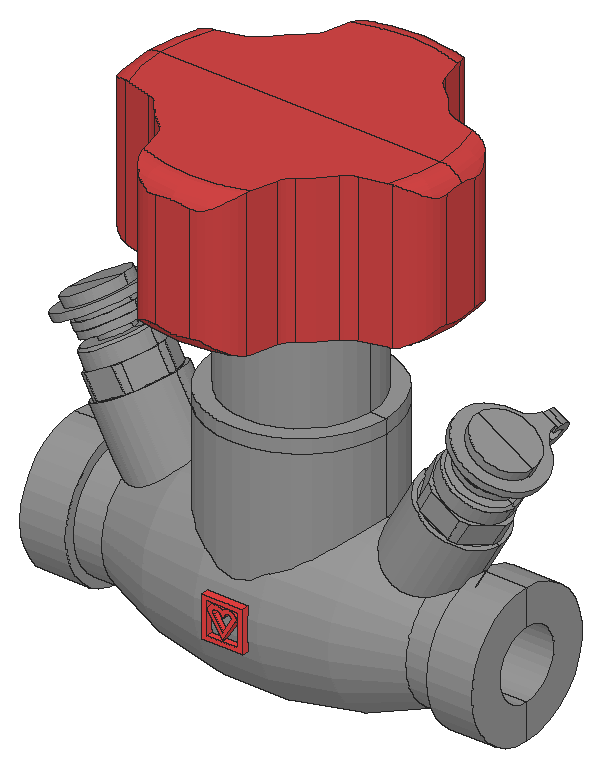
Revit family "Strangregulierventil für Differenzdruckmessung, Geradsitzform 4217 GM (LF-MF)", category Rohrzubehör, Revit 2020
Family settings
  Bemaßung runder Anschluss = Durchmesser verwenden
  Teiletyp = Unterbricht
  OmniClass-Nummer = 23.65.55.14
  OmniClass-Titel = Valves for Liquid Services
  Arbeitsebenenbasiert = Nein
  Immer vertikal = Ja
  Beim Laden mit Abzugskörper schneiden = Nein
  Gemeinsam genutzt = Nein
Parameters (values of type "MF")
  kvs-Wert [instance] = if(and(LF, Nennweite = 15.00 mm), 0.93, if(and(MF, Nennweite = 15.00 mm), 3.49, 0))  # 3.49
  W02 = 60.00°  # constant formula
  W01 = 30.00°  # constant formula
  Vorgabe-Ansicht = 0.00 mm
  URL = "www.herz-armaturen.at"
  SC_NennweiteBerechnet = 0
  SC_Dimension = ""
  SCRNSEQ = "ARM;ARM_TYP=\"STRV\";2"
  SCRNCODE = "05;07;02"  # constant formula
  S02 = 60.00 mm  # constant formula
  S01 [instance] = H00 + H01  # 68.20 mm
  R01 [instance] = 21.00 mm  # constant formula
  Nennweite [instance] = 15.00 mm
  Medium = "Heizwasserqualität entsprechend ÖNORM H 5195 bzw. VDI-Richtlinie 2035.\r\nDie Verwendung von Ethylen- und Propylenglykol ist im Mischungsverhältnis 25 - 50 Vol. % zulässig."
  Max. Betriebstemperatur (bis DN32) = 130 °C  # constant formula
  Max. Betriebstemperatur (ab DN40) = 110 °C  # constant formula
  Max. Betriebsdruck = 1600000.0 Pa  # constant formula
  ML02 [instance] = 30.20 mm  # constant formula
  ML01 [instance] = 20.67 mm  # constant formula
  MF [instance] = yes
  MD01 = 9.50 mm  # constant formula
  LF [instance] = no
  L02 [instance] = 10.00 mm  # constant formula
  L01 [instance] = 16.30 mm  # constant formula
  L00 [instance] = 100.00 mm  # constant formula
  IG [instance] = Nennweite / 2  # 7.50 mm
  Hersteller = "HERZ Armaturen Ges.m.b.H."  # constant formula
  H04 [instance] = 2.50 mm  # constant formula
  H03 = 10.00 mm  # constant formula
  H02 [instance] = 3.00 mm  # constant formula
  H01 [instance] = 33.30 mm  # constant formula
  H00 [instance] = 34.90 mm  # constant formula
  Gewicht [instance] = if(and(LF, Nennweite = 15.00 mm), "0.86 kg", if(and(MF, Nennweite = 15.00 mm), "0.89 kg", "0 kg"))  # "0.89 kg"
  Gehäuse = "DZR-Messing"  # constant formula
  GT [instance] = 15.00 mm  # constant formula
  Einbaulage = "Bedingt durch die senkrecht zur Ventilachse angeordnete, nichtsteigende Ventilspindel ist für jede Einbaulage optimale Zugängigkeit und Bedienbarkeit des Ventils gewährleistet."
  Differenzdruckmessung = "STRÖMAX-GM Strangregulierventil ist mit zwei Messventilen ausgestattet.\r\nBei Verwendung eines geeigneten Messgerätes kann der Differenzdruck gemessen und dadurch die jeweilige Durchflussmenge in Abhängigkeit der Einstellstufe ermittelt werden.\r\nAm HERZ-Messcomputer (1 8900 05) ist außerdem direkt die jeweilige Durchflussmenge ablesbar."
  DN50-DN80 [instance] = H00 + H01  # 68.20 mm
  DN15-DN40 [instance] = H00 + H01  # 68.20 mm
  DN15 [instance] = Nennweite = 15.00 mm  # yes
  D06 [instance] = 15.40 mm  # constant formula
  D05 [instance] = 13.15 mm  # constant formula
  D04 = 9.00 mm  # constant formula
  D03 [instance] = 19.00 mm  # constant formula
  D02 [instance] = 15.25 mm  # constant formula
  D01 [instance] = 13.20 mm  # constant formula
  Bestellnummer [instance] = if(and(LF, Nennweite = 15.00 mm), 1421730, if(and(MF, Nennweite = 15.00 mm), 1421731, 0))  # 1421731
  Ausführung = "STRÖMAX-GM Strangregulierventil mit Messventilen, 1/2′′ – 3′′\r\nGeradesitzform, gelbe Ausführung, Muffe x Muffe, nichtsteigende Spindel, Spindelabdichtung durch Doppel-O-Ring,Voreinstellung durch Hubbegrenzung mittels Innenspindel, digitale Anzeige der Voreinstellstufe im Handradfenster.\r\n2 Messventile sind neben dem Handrad montiert."
  Anwendungen = "Zum hydraulischen Abgleich in Heiz- oder Kühlanlagen, Einregulieren von Verteilleitungen, Strängen, Wärmetauschern, Heiz- und Kühlregistern."
Types (3, lengths in mm): name | kvs-Wert | MF | LF | Gewicht | Bestellnummer
  (no name) | 3.49 | yes | no | "0.89 kg" | 1421731
  LF | 0.93 | no | yes | "0.86 kg" | 1421730
  MF | 3.49 | yes | no | "0.89 kg" | 1421731
Reference planes
  plane 1 "Mitte (Vorne/hinten)": y = 0
  plane 2: z = 0
  plane 3 "Mitte (Links/rechts)": x = 0
Forms (mm)
  Revolve 1, solid, material "Messing, weicher Gelbton, geschweißt", detail levels fine
    sketch origin (0, 0, 0) x (1, 0, 0) y (0, 0, 1)
      loop
        line (-50, 15.25) -> (-50, 7.5) -> (-35, 7.5) -> (-35, 0) -> (35, 0) -> (35, 7.5) -> (50, 7.5) -> (50, 15.25) -> (40, 15.25) -> (40, 13.2) -> (33.7, 13.2)
        arc (33.7, 13.2) -> (0, 21) -> (-33.7, 13.2) r 76.701
        line (-33.7, 13.2) -> (-40, 13.2) -> (-40, 15.25) -> (-50, 15.25)
      axis (-50, 0) -> (50, 0)
    angle from 0 to 360
  Revolve 2, solid, material "Messing, weicher Gelbton, geschweißt", detail levels fine
    sketch origin (0, 0, 0) x (1, 0, 0) y (0, 0, 1)
      loop
        line (20.67, 0) -> (35.77, 26.154) -> (27.543, 30.904) -> (12.443, 4.75) -> (20.67, 0)
      axis (20.67, 0) -> (35.77, 26.154)
    angle from 0 to 360
  Revolve 3, solid, material "Messing, weicher Gelbton, geschweißt", detail levels fine
    sketch origin (0, 0, 0) x (1, 0, 0) y (0, 0, 1)
      loop
        line (0, 0) -> (0, 34.9) -> (-19, 34.9) -> (-19, 0) -> (0, 0)
      axis (0, 34.9) -> (0, 0)
    angle from 0 to 360
  Revolve 4, solid, material "Messing, weicher Gelbton, geschweißt", detail levels fine
    sketch origin (0, 0, 0) x (-1, 0, 0) y (0, 0, 1)
      loop
        line (20.67, 0) -> (35.77, 26.154) -> (27.543, 30.904) -> (12.443, 4.75) -> (20.67, 0)
      axis (20.67, 0) -> (35.77, 26.154)
    angle from 0 to 360
  Revolve 5, solid, material "Messing, weicher Gelbton, geschweißt", detail levels fine
    sketch origin (0, 0, 0) x (1, 0, 0) y (0, 0, 1)
      loop
        line (0, 34.9) -> (0, 68.2) -> (-9, 68.2) -> (-9, 58.2) -> (-13.15, 58.2) -> (-13.15, 55.7) -> (-15.4, 55.7) -> (-15.4, 37.9) -> (-19, 37.9) -> (-19, 34.9) -> (0, 34.9)
      axis (0, 68.2) -> (0, 34.9)
    angle from 0 to 360
Lines and regions (mm)
  model lines, detail levels coarse+medium
    curve 1: line (-50, 0, 15.25) -> (-50, 0, -15.25)
    curve 2: line (-50, 0, -15.25) -> (50, 0, 15.25)
    curve 3: line (50, 0, 15.25) -> (50, 0, -15.25)
    curve 4: line (50, 0, -15.25) -> (-50, 0, 15.25)
    curve 5: line (0, 0, 0) -> (39.375, 0, 68.2)
    curve 6: line (13.395, 0, 83.2) -> (65.356, 0, 53.2)
    curve 7: line (-50, 15.25, 0) -> (-50, -15.25, 0)
    curve 8: line (-50, -15.25, 0) -> (50, 15.25, 0)
    curve 9: line (50, 15.25, 0) -> (50, -15.25, 0)
    curve 10: line (50, -15.25, 0) -> (-50, 15.25, 0)
    curve 11: line (0, 0, 0) -> (39.375, 68.2, 0)
    curve 12: line (13.395, 83.2, 0) -> (65.356, 53.2, 0)
Dimensions and locks
  "IG": Revolve 1 sketch curve to plane 2
  "GT": Revolve 1 sketch curve to Revolve 1 sketch curve  (x2)
  "IG": Revolve 1 sketch curve to Revolve 1 sketch curve
  "D01": Revolve 1 sketch curve to Revolve 1 sketch curve  (x2)
  "R01": Revolve 1 sketch curve to Revolve 1 sketch curve
  "L02": Revolve 1 sketch curve to Revolve 1 sketch curve  (x2)
  "L01": Revolve 1 sketch curve to Revolve 1 sketch curve  (x2)
  "D02": Revolve 1 sketch curve to plane 2  (x2)
  equal spacing: Revolve 1 sketch curve, plane 3 "Mitte (Links/rechts)", Revolve 1 sketch curve
  "L00": Revolve 1 sketch curve to Revolve 1 sketch curve
  "R01": nested 1 to plane 1 "Mitte (Vorne/hinten)"
  "ML01": Revolve 2 sketch curve to plane 3 "Mitte (Links/rechts)"
  "H00": Revolve 3 sketch curve to plane 2
  "D03": Revolve 3 sketch curve to Revolve 3 sketch curve
  "ML02": Revolve 2 sketch curve to Revolve 2 sketch curve
  "MD01": Revolve 2 sketch curve to Revolve 2 sketch curve  (x2)
  "ML02": Revolve 4 sketch curve to Revolve 4 sketch curve
  "MD01": Revolve 4 sketch curve to Revolve 4 sketch curve  (x2)
  "ML01": plane 3 "Mitte (Links/rechts)" to Revolve 4 sketch curve
  "H00": Revolve 5 sketch curve to plane 2
  "H01": Revolve 5 sketch curve to Revolve 5 sketch curve
  "D04": Revolve 5 sketch curve to Revolve 5 sketch curve
  "D03": Revolve 5 sketch curve to Revolve 5 sketch curve
  "D05": Revolve 5 sketch curve to Revolve 5 sketch curve
  "D06": Revolve 5 sketch curve to Revolve 5 sketch curve
  "H02": Revolve 5 sketch curve to Revolve 5 sketch curve
  "H03": Revolve 5 sketch curve to Revolve 5 sketch curve
  "H04": Revolve 5 sketch curve to Revolve 5 sketch curve
  "DN15-DN40": nested 2 to plane 2
  "D02": curve 4 to plane 2 to curve 2
  "D02": curve 3 to plane 2 to curve 4
  equal spacing: curve 1, plane 3 "Mitte (Links/rechts)", curve 3
  "L00": curve 1 to curve 3
  equal spacing: Revolve 1, curve 5, Revolve 1
  "S01": curve 5 to plane 2
  equal spacing: curve 6, curve 5, curve 6
  "S02": curve 6 to curve 6
  "D02": curve 8 to plane 1 "Mitte (Vorne/hinten)" to curve 10
  "D02": curve 10 to plane 1 "Mitte (Vorne/hinten)" to curve 9
  equal spacing: curve 7, plane 3 "Mitte (Links/rechts)", curve 9
  "L00": curve 7 to curve 9
  equal spacing: curve 7, curve 11, curve 9
  "S01": plane 1 "Mitte (Vorne/hinten)" to curve 11
  equal spacing: curve 12, curve 11, curve 12
  "S02": curve 12 to curve 12
  "W01": angle Revolve 2 sketch curve to plane 3 "Mitte (Links/rechts)"  (x2)
  "W01": angle plane 3 "Mitte (Links/rechts)" to Revolve 4 sketch curve  (x2)
  "W02": angle plane 2 to curve 5
  "W02": angle plane 1 "Mitte (Vorne/hinten)" to curve 11
  aligned and locked: level to plane 2
Automatic sketch dimensions
  Revolve 1 sketch curve to level = 0.00 mm  (x2)
  Revolve 1 sketch curve to Revolve 1 sketch curve = 1429.986 mm
  Revolve 1 sketch curve to Revolve 1 sketch curve = 1762.604 mm
  Revolve 2 sketch curve to level = 0.00 mm  (x2)
  Revolve 3 sketch curve to level = 0.00 mm
  Revolve 3 sketch curve to plane 3 "Mitte (Links/rechts)" = 0.00 mm  (x2)
  Revolve 3 sketch curve to Revolve 3 sketch curve = 366.045 mm
  Revolve 3 sketch curve to Revolve 3 sketch curve = 2179.415 mm
  Revolve 4 sketch curve to level = 0.00 mm  (x2)
  Revolve 5 sketch curve to plane 3 "Mitte (Links/rechts)" = 0.00 mm  (x2)
  Revolve 5 sketch curve to level = 366.045 mm
  Revolve 5 sketch curve to Revolve 5 sketch curve = 2146.115 mm
Nested families
  nested 1: "Herz-Logo-vorne" at (0, -21, 0) x (0, 1, 0) z (0, 0, 1), type "Herz-Logo-vorne", detail levels fine
  nested 2: "Strangregulierventil-Handrad-Gerade (Rot) DN15-DN40" at (0, 0, 68.2), visible <- "DN15", type "Strangregulierventil-Handrad-Gerade (Rot) DN15-DN40", detail levels fine
    with Nennweite 0.00 mm, Gewicht 0.00 kg, Bestellnummer 0
  nested 3: "Messstutzen_Band_Austritt_30Grad_(oben)" at (27.02, 0, 10.999), visible <- "DN15", type "Messstutzen_Band_Austritt_30Grad_(oben)", detail levels fine
    with Schutzkappe yes, Nennweite 0.00 mm, Gewicht 0.00 kg, Bestellnummer 0
  nested 4: "Messstutzen_Band_Eintritt_30Grad_(oben)" at (-27.02, 0, 10.999) x (-1, 0, 0) z (0, 0, 1), visible <- "DN15", type "Messstutzen_Band_Eintritt_30Grad_(oben)", detail levels fine
    with Schutzkappe yes, Nennweite 0.00 mm, Gewicht 0.00 kg, Bestellnummer 0
Connectors
  piping at (-35, 0, 0), diameter 15, driven by "Nennweite"
    settings: on Revolve 1, index 1, connector inside diameter 609.6 mm, connector length 0.00 mm, flow factor 0, pipe flow 0.0 L/s, pressure drop 0.0 Pa, fitting loss kfactor 0, connector angle 0.00°, fixture units 0, engagement length 0.00 mm, angle of deflection 0.00°, flow configuration 0, flow direction 1, fitting loss method 0, system type 29, joint type 0, gender type 0, connector reference index -1, connector utility 0, adjustable connector no, is connector primary yes, connector description ""
  piping at (35, 0, 0), diameter 15, driven by "Nennweite"
    settings: on Revolve 1, index 2, connector inside diameter 609.6 mm, connector length 0.00 mm, flow factor 0, pipe flow 0.0 L/s, pressure drop 0.0 Pa, fitting loss kfactor 0, connector angle 0.00°, fixture units 0, engagement length 0.00 mm, angle of deflection 0.00°, flow configuration 0, flow direction 2, fitting loss method 0, system type 29, joint type 0, gender type 0, connector reference index -1, connector utility 0, adjustable connector no, is connector primary no, connector description ""
Definition of nested family "Herz-Logo-vorne"
  Parameters (values of type "Herz-Logo-vorne")
    Default Elevation = 0.00 mm
  Reference planes
    plane 1 "Mitte (Vorne/hinten)": y = 0
    plane 2: z = 0
    plane 3 "Mitte (Links/rechts)": x = 0
  Forms (mm)
    Extrusion 1, solid
      sketch origin (0.732, -0.018, 0.017) x (0, -1, 0) y (0, 0, 1)
        loop
          line (-0.018, -4.517) -> (4.482, -4.517) -> (4.482, 4.483) -> (-4.518, 4.483) -> (-4.518, -4.517) -> (-0.018, -4.517)
        loop
          line (-0.05, -3.48) -> (3.482, -3.48) -> (3.482, 3.483) -> (-3.518, 3.483) -> (-3.518, -3.48) -> (-0.05, -3.48)
        loop
          arc (-0.018, 2.383) -> (-1.543, 3.287) -> (-3.067, 2.383) r 1.738
          arc (-3.067, 2.383) -> (-3.191, 1.899) -> (-3.067, 1.415) r 1.009
          line (-3.067, 1.415) -> (-0.018, -3.281) -> (3.032, 1.415)
          arc (3.032, 1.415) -> (3.156, 1.899) -> (3.032, 2.383) r 1.009
          arc (3.032, 2.383) -> (1.507, 3.287) -> (-0.018, 2.383) r 1.738
        loop
          arc (1.885, 1.272) -> (2.005, 1.675) -> (1.885, 2.079) r 0.74
          arc (1.885, 2.079) -> (1.265, 2.416) -> (0.644, 2.079) r 0.74
          line (0.644, 2.079) -> (-0.018, 0.97) -> (-0.679, 2.079)
          arc (-0.679, 2.079) -> (-1.3, 2.416) -> (-1.921, 2.079) r 0.74
          arc (-1.921, 2.079) -> (-2.04, 1.675) -> (-1.921, 1.272) r 0.74
          line (-1.921, 1.272) -> (-0.018, -1.658) -> (1.885, 1.272)
      from 0 to 1.5
  Dimensions and locks
    aligned and locked: level to plane 2
Definition of nested family "Strangregulierventil-Handrad-Gerade (Rot) DN15-DN40"
  Parameters (values of type "Strangregulierventil-Handrad-Gerade (Rot) DN15-DN40")
    Default Elevation = 0.00 mm
    URL = "www.herz-armaturen.at"
    Nennweite [instance] = 0.00 mm
    Manufacturer = "Herz Armaturen GmbH"  # constant formula
    Gewicht [instance] = 0.00 kg
    Bestellnummer [instance] = 0
  Reference planes
    plane 1 "Mitte (Vorne/hinten)": y = 0
    plane 2: z = 0
    plane 3 "Mitte (Links/rechts)": x = 0
  Forms (mm)
    Revolve 1, solid, detail levels fine
      sketch origin (0, 0, 0) x (1, 0, 0) y (0, 0, 1)
        loop
          line (0, 0) -> (0, 24.95) -> (-30.992, 24.95)
          arc (-30.992, 24.95) -> (-34.37, 23.636) -> (-35.973, 20.386) r 5
          line (-35.973, 20.386) -> (-37, 8.65) -> (-35.986, -2.936)
          arc (-35.986, -2.936) -> (-34.383, -6.186) -> (-31.005, -7.5) r 5
          line (-31.005, -7.5) -> (-15, -7.5) -> (-15, 0) -> (0, 0)
        axis (0, 24.95) -> (0, -7.5)
      angle from 0 to 360
    Extrusion 2, void
      sketch origin (0, 0, 20.3) x (1, 0, 0) y (0, 1, 0)
        loop
          line (3.861, 35.5) -> (-3.861, 35.5)
          arc (-3.861, 35.5) -> (-8.731, 33.847) -> (-11.589, 29.571) r 8
          line (-11.589, 29.571) -> (-13.284, 23.245)
          arc (-13.284, 23.245) -> (-13.982, 21.722) -> (-15.144, 20.516) r 5
          arc (-15.144, 20.516) -> (-18.031, 18.031) -> (-20.516, 15.144) r 25.5
          arc (-20.516, 15.144) -> (-21.722, 13.982) -> (-23.245, 13.284) r 5
          line (-23.245, 13.284) -> (-29.571, 11.589)
          arc (-29.571, 11.589) -> (-33.847, 8.731) -> (-35.5, 3.861) r 8
          line (-35.5, 3.861) -> (-35.5, -3.861)
          arc (-35.5, -3.861) -> (-33.847, -8.731) -> (-29.571, -11.589) r 8
          line (-29.571, -11.589) -> (-23.245, -13.284)
          arc (-23.245, -13.284) -> (-21.722, -13.982) -> (-20.516, -15.144) r 5
          arc (-20.516, -15.144) -> (-18.031, -18.031) -> (-15.144, -20.516) r 25.5
          arc (-15.144, -20.516) -> (-13.982, -21.722) -> (-13.284, -23.245) r 5
          line (-13.284, -23.245) -> (-11.589, -29.571)
          arc (-11.589, -29.571) -> (-8.731, -33.847) -> (-3.861, -35.5) r 8
          line (-3.861, -35.5) -> (3.861, -35.5)
          arc (3.861, -35.5) -> (8.731, -33.847) -> (11.589, -29.571) r 8
          line (11.589, -29.571) -> (13.284, -23.245)
          arc (13.284, -23.245) -> (13.982, -21.722) -> (15.144, -20.516) r 5
          arc (15.144, -20.516) -> (18.031, -18.031) -> (20.516, -15.144) r 25.5
          arc (20.516, -15.144) -> (21.722, -13.982) -> (23.245, -13.284) r 5
          line (23.245, -13.284) -> (29.571, -11.589)
          arc (29.571, -11.589) -> (33.847, -8.731) -> (35.5, -3.861) r 8
          line (35.5, -3.861) -> (35.5, 3.861)
          arc (35.5, 3.861) -> (33.847, 8.731) -> (29.571, 11.589) r 8
          line (29.571, 11.589) -> (23.245, 13.284)
          arc (23.245, 13.284) -> (21.722, 13.982) -> (20.516, 15.144) r 5
          arc (20.516, 15.144) -> (18.031, 18.031) -> (15.144, 20.516) r 25.5
          arc (15.144, 20.516) -> (13.982, 21.722) -> (13.284, 23.245) r 5
          line (13.284, 23.245) -> (11.589, 29.571)
          arc (11.589, 29.571) -> (8.731, 33.847) -> (3.861, 35.5) r 8
        loop
          circle (0, 0) r 38
      from -31.266 to 7.923
  Cuts and joins
    Extrusion 2 cuts Revolve 1
  Dimensions and locks
    Revolve 1 sketch curve to Revolve 1 sketch curve = 15.00 mm
    Revolve 1 sketch curve to Revolve 1 sketch curve = 16.15 mm
    Revolve 1 sketch curve to Revolve 1 sketch curve = 16.30 mm
    angle Revolve 1 sketch curve to Revolve 1 sketch curve = 95.00°
    aligned and locked: level to plane 2
Definition of nested family "Messstutzen_Band_Austritt_30Grad_(oben)"
  Parameters (values of type "Messstutzen_Band_Austritt_30Grad_(oben)")
    Default Elevation = 0.00 mm
    URL = "www.herz-armaturen.at"
    Schutzkappe [instance] = yes
    Nennweite [instance] = 0.00 mm
    Manufacturer = "Herz Armaturen GmbH"  # constant formula
    Gewicht [instance] = 0.00 kg
    Bestellnummer [instance] = 0
  Reference planes
    plane 1 "Mitte (Vorne/hinten)": y = 0
    plane 2: z = 0
    plane 3 "Mitte (Links/rechts)": x = 0
  Forms (mm)
    Revolve 1, solid, detail levels fine
      sketch origin (0, 0, 0) x (0.866025, 0, -0.5) y (0.5, 0, 0.866025)
        loop
          line (-7.4, 9) -> (-5.55, 9) -> (-5.55, 6)
          arc (-5.55, 6) -> (-5.626, 5.617) -> (-5.843, 5.293) r 1
          line (-5.843, 5.293) -> (-6.455, 4.681) -> (-6.455, 0.9) -> (-5.555, 0) -> (-2, 0) -> (-2, 17.5) -> (-8.4, 17.5)
          arc (-8.4, 17.5) -> (-7.693, 17.207) -> (-7.4, 16.5) r 1
          line (-7.4, 16.5) -> (-7.4, 9)
        loop
          line (-3.7, 27) -> (-7.3, 27) -> (-7.9, 26.4) -> (-7.9, 23) -> (-2, 23) -> (-2, 35.8) -> (-3.805, 35.8) -> (-4.415, 35.19) -> (-4.415, 30.863) -> (-3.7, 30.45) -> (-3.7, 27)
        axis (0, 0) -> (0, 35.8)
      angle from 0 to 360
    Extrusion 2, solid, detail levels fine
      sketch origin (8.75, 0, 15.155) x (0, 1, 0) y (-0.866025, 0, 0.5)
        loop
          arc (-7.07, 5.156) -> (-7.578, 4.375) -> (-8, 3.544) r 8.75
          line (-8, 3.544) -> (-8, -3.544)
          arc (-8, -3.544) -> (-7.578, -4.375) -> (-7.07, -5.156) r 8.75
          line (-7.07, -5.156) -> (-0.93, -8.7)
          arc (-0.93, -8.7) -> (0, -8.75) -> (0.93, -8.7) r 8.75
          line (0.93, -8.7) -> (7.07, -5.156)
          arc (7.07, -5.156) -> (7.578, -4.375) -> (8, -3.544) r 8.75
          line (8, -3.544) -> (8, 3.544)
          arc (8, 3.544) -> (7.578, 4.375) -> (7.07, 5.156) r 8.75
          line (7.07, 5.156) -> (0.93, 8.7)
          arc (0.93, 8.7) -> (0, 8.75) -> (-0.93, 8.7) r 8.75
          line (-0.93, 8.7) -> (-7.07, 5.156)
      from 0 to 5.5
    Revolve 3, solid, visible <- "Schutzkappe", detail levels fine
      sketch origin (0, 0, 0) x (0.866025, 0, -0.5) y (0.5, 0, 0.866025)
        loop
          line (0, 35.878) -> (0, 36.678) -> (-7, 36.678) -> (-7, 33.378) -> (-6.1, 33.378) -> (-6.1, 31.678) -> (-6.9, 31.678) -> (-6.9, 30.178) -> (-4.415, 30.178) -> (-4.415, 35.268) -> (-3.805, 35.878) -> (0, 35.878)
        axis (0, 30.178) -> (0, 36.678)
      angle from 0 to 360
    Extrusion 4, solid, detail levels fine
      sketch origin (14.25, 0, 24.682) x (0, 1, 0) y (0.866025, 0, -0.5)
        loop
          circle (0, 0) r 3.7
        loop
          arc (5.505, -3.906) -> (7.288, -2.358) -> (9.582, -1.8) r 5
          line (9.582, -1.8) -> (9.582, 1.8)
          arc (9.582, 1.8) -> (7.288, 2.358) -> (5.505, 3.906) r 5
          arc (5.505, 3.906) -> (-6.75, 0) -> (5.505, -3.906) r 6.75
      from 0 to -1.5
    Extrusion 5, solid, detail levels fine
      sketch origin (16.589, 0, 28.733) x (0, 1, 0) y (0.866025, 0, -0.5)
        loop
          circle (0, 0) r 6.1
        loop
          arc (8.652, -4.495) -> (10.493, -2.527) -> (13.089, -1.8) r 5
          line (13.089, -1.8) -> (13.089, 1.8)
          arc (13.089, 1.8) -> (10.493, 2.527) -> (8.652, 4.495) r 5
          arc (8.652, 4.495) -> (-9.75, 0) -> (8.652, -4.495) r 9.75
      from 0 to -1.5
    Sweep 6, solid, detail levels fine
      path origin (1.029, 0.159, 0.98) x (-0.5, 0, -0.866025) y (0, 1, 0)
        loop
          line (-27.75, 9.582) -> (-27.75, 14.522)
          arc (-27.75, 14.522) -> (-30.089, 16.862) -> (-32.428, 14.522) r 2.339
          line (-32.428, 14.522) -> (-32.428, 13.089)
      profile origin (14.904, 12.211, 25.012) x (0.5, 0, 0.866025) y (0.866025, 0, -0.5)
        loop
          line (-0.75, -1.8) -> (0.75, -1.8) -> (0.75, 1.8) -> (-0.75, 1.8) -> (-0.75, -1.8)
  Dimensions and locks
    aligned and locked: level to plane 2
Definition of nested family "Messstutzen_Band_Eintritt_30Grad_(oben)"
  Parameters (values of type "Messstutzen_Band_Eintritt_30Grad_(oben)")
    Default Elevation = 0.00 mm
    URL = "www.herz-armaturen.at"
    Schutzkappe [instance] = yes
    Nennweite [instance] = 0.00 mm
    Manufacturer = "Herz Armaturen GmbH"  # constant formula
    Gewicht [instance] = 0.00 kg
    Bestellnummer [instance] = 0
  Reference planes
    plane 1 "Mitte (Vorne/hinten)": y = 0
    plane 2: z = 0
    plane 3 "Mitte (Links/rechts)": x = 0
  Forms (mm)
    Revolve 1, solid, detail levels fine
      sketch origin (0, 0, 0) x (0.866025, 0, -0.5) y (0.5, 0, 0.866025)
        loop
          line (-7.4, 9) -> (-5.55, 9) -> (-5.55, 6)
          arc (-5.55, 6) -> (-5.626, 5.617) -> (-5.843, 5.293) r 1
          line (-5.843, 5.293) -> (-6.455, 4.681) -> (-6.455, 0.9) -> (-5.555, 0) -> (-2, 0) -> (-2, 17.5) -> (-8.4, 17.5)
          arc (-8.4, 17.5) -> (-7.693, 17.207) -> (-7.4, 16.5) r 1
          line (-7.4, 16.5) -> (-7.4, 9)
        loop
          line (-3.7, 27) -> (-7.3, 27) -> (-7.9, 26.4) -> (-7.9, 23) -> (-2, 23) -> (-2, 35.8) -> (-3.805, 35.8) -> (-4.415, 35.19) -> (-4.415, 30.863) -> (-3.7, 30.45) -> (-3.7, 27)
        axis (0, 0) -> (0, 35.8)
      angle from 0 to 360
    Extrusion 2, solid, detail levels fine
      sketch origin (8.75, 0, 15.155) x (0, 1, 0) y (-0.866025, 0, 0.5)
        loop
          arc (-7.07, 5.156) -> (-7.578, 4.375) -> (-8, 3.544) r 8.75
          line (-8, 3.544) -> (-8, -3.544)
          arc (-8, -3.544) -> (-7.578, -4.375) -> (-7.07, -5.156) r 8.75
          line (-7.07, -5.156) -> (-0.93, -8.7)
          arc (-0.93, -8.7) -> (0, -8.75) -> (0.93, -8.7) r 8.75
          line (0.93, -8.7) -> (7.07, -5.156)
          arc (7.07, -5.156) -> (7.578, -4.375) -> (8, -3.544) r 8.75
          line (8, -3.544) -> (8, 3.544)
          arc (8, 3.544) -> (7.578, 4.375) -> (7.07, 5.156) r 8.75
          line (7.07, 5.156) -> (0.93, 8.7)
          arc (0.93, 8.7) -> (0, 8.75) -> (-0.93, 8.7) r 8.75
          line (-0.93, 8.7) -> (-7.07, 5.156)
      from 0 to 5.5
    Revolve 3, solid, visible <- "Schutzkappe", detail levels fine
      sketch origin (0, 0, 0) x (0.866025, 0, -0.5) y (0.5, 0, 0.866025)
        loop
          line (0, 35.878) -> (0, 36.678) -> (-7, 36.678) -> (-7, 33.378) -> (-6.1, 33.378) -> (-6.1, 31.678) -> (-6.9, 31.678) -> (-6.9, 30.178) -> (-4.415, 30.178) -> (-4.415, 35.268) -> (-3.805, 35.878) -> (0, 35.878)
        axis (0, 30.178) -> (0, 36.678)
      angle from 0 to 360
    Extrusion 4, solid, detail levels fine
      sketch origin (14.25, 0, 24.682) x (0, 1, 0) y (0.866025, 0, -0.5)
        loop
          circle (0, 0) r 3.7
        loop
          arc (5.505, -3.906) -> (7.288, -2.358) -> (9.582, -1.8) r 5
          line (9.582, -1.8) -> (9.582, 1.8)
          arc (9.582, 1.8) -> (7.288, 2.358) -> (5.505, 3.906) r 5
          arc (5.505, 3.906) -> (-6.75, 0) -> (5.505, -3.906) r 6.75
      from 0 to -1.5
    Extrusion 5, solid, detail levels fine
      sketch origin (16.589, 0, 28.733) x (0, 1, 0) y (0.866025, 0, -0.5)
        loop
          circle (0, 0) r 6.1
        loop
          arc (8.652, -4.495) -> (10.493, -2.527) -> (13.089, -1.8) r 5
          line (13.089, -1.8) -> (13.089, 1.8)
          arc (13.089, 1.8) -> (10.493, 2.527) -> (8.652, 4.495) r 5
          arc (8.652, 4.495) -> (-9.75, 0) -> (8.652, -4.495) r 9.75
      from 0 to -1.5
    Sweep 6, solid, detail levels fine
      path origin (0.933, -0.183, 1.116) x (-0.5, 0, -0.866025) y (0, 1, 0)
        loop
          line (-27.75, 9.582) -> (-27.75, 14.522)
          arc (-27.75, 14.522) -> (-30.089, 16.862) -> (-32.428, 14.522) r 2.339
          line (-32.428, 14.522) -> (-32.428, 13.089)
      profile origin (14.808, 11.869, 25.148) x (0.5, 0, 0.866025) y (0.866025, 0, -0.5)
        loop
          line (-0.75, -1.8) -> (0.75, -1.8) -> (0.75, 1.8) -> (-0.75, 1.8) -> (-0.75, -1.8)
  Dimensions and locks
    aligned and locked: level to plane 2
